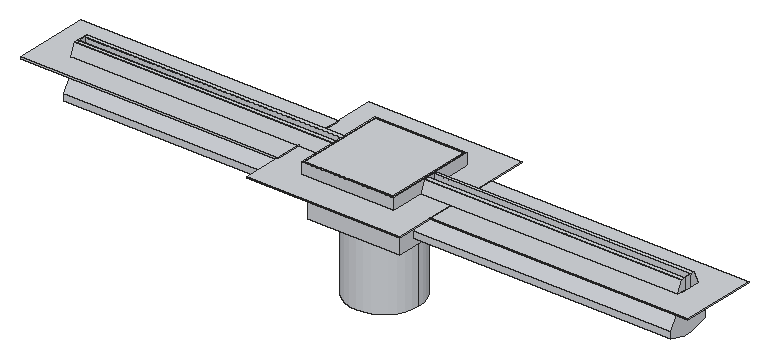
Revit family "Schlitzrinne mit Auslaufkasten", category Sanitärinstallationen, Revit 2020
Family settings
  Bemaßung runder Anschluss = Durchmesser verwenden
  Teiletyp = Normal
  Arbeitsebenenbasiert = Nein
  Immer vertikal = Ja
  Beim Laden mit Abzugskörper schneiden = Nein
  Gemeinsam genutzt = Nein
  Raumberechnungspunkt = Nein
Parameters (values of type "151mm Umlaufendem Kleberand 25mm")
  Übergangsbride [instance] = no
  mit Gefälle [instance] = yes
  exzentrisch [instance] = no
  Zarge rechts [instance] = no
  Zarge links [instance] = no
  Vorgabe-Ansicht = 0 mm
  Verbindungsbügel [instance] = L Links + L Rechts  # 1000 mm
  URL = "https://www.resitec.ch/"
  Tragstab 30mm [instance] = yes
  Tragstab 25mm [instance] = no
  Tragstab 20mm [instance] = no
  St. Moritz [instance] = yes
  Rost innen ref [instance] = Rinnen Breite innen - 2 mm  # 10 mm
  Rinnen Tiefe [instance] = 90 mm
  Rinnen Breite rechts [instance] = 500 mm
  Rinnen Breite links [instance] = 500 mm
  Rinnen Breite innen [instance] = 12 mm
  Rechts [instance] = yes
  RS_s002 = 1.8 mm  # constant formula
  RS_s001 = 3 mm  # constant formula
  RS_rechtsKR [instance] = if(RS_ZargRon, L Rechts, L Rechts + RS_KR)  # 550 mm
  RS_min80 [instance] = if(Rinnen Tiefe < 80 mm, 80 mm, Rinnen Tiefe)  # 90 mm
  RS_linksKR [instance] = if(RS_ZargLon, L Links, L Links + RS_KR)  # 550 mm
  RS_hts [instance] = if(Tragstab 20mm, 1 mm, if(Tragstab 25mm, 2 mm, if(Tragstab 30mm, 3 mm, 3 mm)))  # 3 mm
  RS_gefun [instance] = 60 mm
  RS_gefob [instance] = 40 mm
  RS_excenteron [instance] = exzentrisch  # no
  RS_excenteroff [instance] = not(RS_excenteron)  # yes
  RS_excenterabzbughinten [instance] = 32.5 mm
  RS_dpschon [instance] = yes
  RS_dimmin95 [instance] = 100 mm
  RS_dimk001 = 115 mm  # constant formula
  RS_dim001 = 20 mm  # constant formula
  RS_dim002 [instance] = if(RS_hts = 1 mm, 20 mm + 2 mm, if(RS_hts = 2 mm, 25 mm + 2 mm, if(RS_hts = 3 mm, 30 mm + 2 mm, 32 mm)))  # 32 mm
  RS_dim003 [instance] = if(Rinnen Tiefe < RS_dim002, RS_dim002 + RS_s002, Rinnen Tiefe)  # 90 mm
  RS_dia002 = 110 mm
  RS_dia001 = 151 mm
  RS_breite Rand [instance] = 6.5 mm  # constant formula
  RS_ZargRon [instance] = and(RS_KRon, Zarge rechts, Rechts)  # no
  RS_ZargLon [instance] = and(RS_KRon, Zarge links, Links)  # no
  RS_ZargH [instance] = Höhe Zarge  # 50 mm
  RS_StMRon [instance] = and(St. Moritz, Rechts)  # yes
  RS_StMLon [instance] = and(St. Moritz, Links)  # yes
  RS_RohrL [instance] = if(Länge Rohr < RS_gefun, ((RS_gefun + 10 mm) - RS_gefob), Länge Rohr)  # 200 mm
  RS_RinneRon [instance] = Rechts  # yes
  RS_RinneLon [instance] = Links  # yes
  RS_KRvorne [instance] = (Breite Aussen ref / 2) + RS_KR  # 62.5 mm
  RS_KRr [instance] = and(Rechts, Kleberand)  # yes
  RS_KRon [instance] = Kleberand  # yes
  RS_KRl [instance] = and(Links, Kleberand)  # yes
  RS_KRhinten [instance] = (Breite Aussen ref / 2) + RS_KR  # 62.5 mm
  RS_KR [instance] = 50 mm  # constant formula
  RS_DN2 = 0 mm
  RS_DN1d [instance] = D  # 114.7 mm
  RS_DN1 = 100 mm  # constant formula
  RS_URL = "https://resitec.ch/entwaesserungstechnik/entwaesserungsrinnen/rinnen/"
  RS_Rost_Typ [instance] = ""
  RS_Manufacture = "Resitec"  # constant formula
  RS_Description [instance] = if(mit Gefälle, "mit Gefälle", "ohne Gefälle")  # "mit Gefälle"
  RS_AusKRvorne [instance] = if(and(RS_excenteron, RS_245), 307 mm, 214 mm)  # 214 mm
  RS_AusKRhinten [instance] = 62.5 mm  # constant formula
  RS_AusKR_Ron [instance] = and(not(Rechts), Zarge rechts)  # no
  RS_AusKR_R [instance] = if(RS_AusKR_Ron, (RS_dia001 / 2), (RS_dia001 / 2) + RS_KR)  # 125.5 mm
  RS_AusKR_Lon [instance] = and(not(Links), Zarge links)  # no
  RS_AusKR_L [instance] = if(RS_AusKR_Lon, (RS_dia001 / 2), (RS_dia001 / 2) + RS_KR)  # 125.5 mm
  RS_Articelnumber [instance] = "Schlitzrinne"
  RS_245 [instance] = (RS_dia001 = 245 mm)  # no
  Länge Rohr [instance] = 200 mm
  Links [instance] = yes
  L Rechts Innen ref [instance] = L Rechts - RS_breite Rand  # 493.5 mm
  L Rechts [instance] = Rinnen Breite rechts  # 500 mm
  L Links innen ref [instance] = L Links - RS_breite Rand  # 493.5 mm
  L Links [instance] = Rinnen Breite links  # 500 mm
  Kleberand [instance] = yes
  Höhe Zarge [instance] = 50 mm
  Hersteller = RS_Manufacture  # "Resitec"
  D [instance] = 114.7 mm
  Breite Innen ref [instance] = 12 mm  # constant formula
  Breite Aussen ref [instance] = Rinnen Breite innen + (2 * RS_breite Rand)  # 25 mm
  Description = ""
  Baugruppenkennzeichen = "D2030300"
  Anschlusswert DU L/s = 0
Types (5, lengths in mm): name | RS_dia001 | RS_AusKR_R | RS_AusKR_L | RS_245
  (no name) | 151 | 125.5 | 125.5 | no
  245mm Umlaufendem Kleberand 25mm | 245 | 172.5 | 172.5 | yes
  151mm Umlaufendem Kleberand 25mm | 151 | 125.5 | 125.5 | no
  245mm Umlaufendem Kleberand 6.5mm | 245 | 172.5 | 172.5 | yes
  151mm Umlaufendem Kleberand 6.5mm | 151 | 125.5 | 125.5 | no
Reference planes
  plane 1 "Mitte (Vorne/hinten)": y = 0
  plane 2: z = 0
  plane 3 "Mitte (Links/rechts)": x = 0
  plane 4: x = -500
  plane 5: x = 500
  plane 6: y = 6
  plane 7: y = -6
  plane 8: y = 12.5
  plane 9: y = -12.5
  plane 10: x = -493.5
  plane 11: x = 493.5
  plane 12 "ebeneKBlech": z = -20
  plane 13 "lvdim002": z = -32
  plane 14: y = 57.5
  plane 15: y = -57.5
  plane 16: y = 62.5
  plane 17: x = 550
  plane 18: y = -62.5
  plane 19: x = -550
  plane 20: z = -200
  plane 21: x = -492.5
  plane 22: y = -5
  plane 23: x = 492.5
  plane 24: y = 5
  plane 25: z = -90
  plane 26 "0001": x = -75.5
  plane 27: y = -75.5
  plane 28: y = 75.5
  plane 29 "002": x = 75.5
  plane 30: x = -73.7
  plane 31: y = -73.7
  plane 32: y = 73.7
  plane 33: x = 73.7
  plane 34: y = 72.7
  plane 35: x = 72.7
  plane 36: y = -72.7
  plane 37: x = -72.7
  plane 38: y = 125.5
  plane 39: x = 125.5
  plane 40: y = -125.5
  plane 41: x = -125.5
  plane 42: y = 5
  plane 43: y = -5
  plane 44 "min80": z = -90
  plane 45: z = 30
  plane 46: y = -12.5
  plane 47: y = -163.5
  plane 48: y = -88
  plane 49: y = -14.3
  plane 50: y = -15.3
  plane 51: y = -161.7
  plane 52: y = -160.7
  plane 53: y = 37.5
  plane 54: y = -213.5
  plane 55: y = 62.5
  plane 56: y = -214
  plane 57: y = 20
  plane 58: y = -20
Forms (mm)
  Extrusion 1, solid, visible <- "RS_KRl"
    sketch origin (0, 0, -20) x (-1, 0, 0) y (0, -1, 0)
      loop
        line (550, -62.5) -> (550, 62.5) -> (125.5, 62.5) -> (125.5, -12.5) -> (125.5, -62.5) -> (550, -62.5)
    from 0 to 1.8 <- "RS_s002"
  Extrusion 2, solid, visible <- "RS_excenteroff"
    sketch origin (0, 0, -40) x (-1, 0, 0) y (0, -1, 0)
      loop
        circle (0, 0) r 57.35
    from 8 to -160
  Extrusion 3, solid, visible <- "RS_excenteroff"
    sketch origin (0, 0, 0) x (1, 0, 0) y (0, 1, 0)
      loop
        line (-75.5, 75.5) -> (-75.5, -75.5) -> (75.5, -75.5) -> (75.5, 75.5) -> (-75.5, 75.5)
      loop
        line (-73.7, 73.7) -> (-73.7, -73.7) -> (73.7, -73.7) -> (73.7, 73.7) -> (-73.7, 73.7)
    from 0 to -20
  Extrusion 4, solid, visible <- "RS_excenteroff"
    sketch origin (0, 0, 0) x (1, 0, 0) y (0, 1, 0)
      loop
        line (-72.7, 72.7) -> (-72.7, -72.7) -> (72.7, -72.7) -> (72.7, 72.7) -> (-72.7, 72.7)
    from 0 to -20
  Extrusion 5, solid, visible <- "RS_KRr"
    sketch origin (0, 0, -20) x (-1, 0, 0) y (0, -1, 0)
      loop
        line (-125.5, -62.5) -> (-125.5, 62.5) -> (-550, 62.5) -> (-550, -62.5) -> (-125.5, -62.5)
    from 0 to 1.8 <- "RS_s002"
  Extrusion 6, solid, visible <- "RS_excenteroff"
    sketch origin (-75.5, 270.325, 1200) x (0, 1, 0) y (0, 0, 1)
      loop
        line (-207.825, -1220) -> (-332.825, -1220) -> (-332.825, -1290) -> (-207.825, -1290) -> (-207.825, -1220)
    from 0 to 151
  Extrusion 7, solid, visible <- "RS_RinneRon"
    sketch origin (0, 0, -20) x (-1, 0, 0) y (0, -1, 0)
      loop
        line (-75.5, -12.5) -> (-75.5, -6) -> (-498.2, -6) -> (-498.2, 6) -> (-75.5, 6) -> (-75.5, 12.5) -> (-500, 12.5) -> (-500, -12.5) -> (-75.5, -12.5)
    from 0 to 20
  Extrusion 8, solid, visible <- "RS_RinneLon"
    sketch origin (0, 0, -20) x (1, 0, 0) y (0, 1, 0)
      loop
        line (-75.5, 12.5) -> (-500, 12.5) -> (-500, -12.5) -> (-75.5, -12.5) -> (-75.5, -6) -> (-498.2, -6) -> (-498.2, 6) -> (-75.5, 6) -> (-75.5, 12.5)
    from 0 to 20
  Extrusion 9, solid, visible <- "RS_RinneRon"
    sketch origin (75.5, 270.325, 1200) x (0, 1, 0) y (0, 0, -1)
      loop
        line (-264.325, 1220) -> (-235.325, 1267.053) -> (-235.325, 1277.053) -> (-264.325, 1285) -> (-276.325, 1285) -> (-305.325, 1277.053) -> (-305.325, 1267.053) -> (-276.325, 1220) -> (-264.325, 1220)
    from 0 to -424.5
  Extrusion 10, solid, visible <- "RS_RinneLon"
    sketch origin (-75.5, 270.325, 1200) x (0, 1, 0) y (0, 0, 1)
      loop
        line (-264.325, -1220) -> (-276.325, -1220) -> (-305.325, -1267.053) -> (-305.325, -1277.053) -> (-276.325, -1285) -> (-264.325, -1285) -> (-235.325, -1277.053) -> (-235.325, -1267.053) -> (-264.325, -1220)
    from 0 to -424.5
  Extrusion 11, solid, visible <- "RS_ZargLon"
    sketch origin (0, 0, -20) x (-1, 0, 0) y (0, -1, 0)
      loop
        line (550, -62.5) -> (550, 62.5) -> (548.2, 62.5) -> (548.2, -62.5) -> (550, -62.5)
    from 0 to 50
  Extrusion 12, solid, visible <- "RS_ZargRon"
    sketch origin (0, 0, -20) x (-1, 0, 0) y (0, -1, 0)
      loop
        line (-550, -62.5) -> (-548.2, -62.5) -> (-548.2, 62.5) -> (-550, 62.5) -> (-550, -62.5)
    from 0 to 50
  Extrusion 13, solid, visible <- "RS_excenteroff"
    sketch origin (0, 0, -20) x (-1, 0, 0) y (0, -1, 0)
      loop
        line (125.5, -125.5) -> (125.5, 125.5) -> (-125.5, 125.5) -> (-125.5, -125.5) -> (125.5, -125.5)
    from 0 to 1.8 <- "RS_s002"
  Extrusion 14, solid, visible <- "RS_AusKR_Lon"
    sketch origin (0, 0, -20) x (-1, 0, 0) y (0, -1, 0)
      loop
        line (125.5, -62.5) -> (125.5, 214) -> (123.7, 214) -> (123.7, -62.5) -> (125.5, -62.5)
    from 0 to 50
  Extrusion 15, solid, visible <- "RS_excenteron"
    sketch origin (0, -88, -40) x (-1, 0, 0) y (0, -1, 0)
      loop
        circle (0, 0) r 57.35
    from 8 to -160
  Extrusion 16, solid, visible <- "RS_excenteron"
    sketch origin (0, -88, 0) x (1, 0, 0) y (0, 1, 0)
      loop
        line (-75.5, 100.5) -> (-75.5, 94) -> (75.5, 94) -> (75.5, 100.5) -> (-75.5, 100.5)
      loop
        line (-75.5, -75.5) -> (75.5, -75.5) -> (75.5, 82) -> (-75.5, 82) -> (-75.5, -75.5)
      loop
        line (-73.7, 73.7) -> (-73.7, -73.7) -> (73.7, -73.7) -> (73.7, 73.7) -> (-73.7, 73.7)
    from 0 to -20
  Extrusion 17, solid, visible <- "RS_excenteron"
    sketch origin (0, -88, 0) x (1, 0, 0) y (0, 1, 0)
      loop
        line (-72.7, 72.7) -> (-72.7, -72.7) -> (72.7, -72.7) -> (72.7, 72.7) -> (-72.7, 72.7)
    from 0 to -20
  Extrusion 18, solid, visible <- "RS_excenteron"
    sketch origin (-75.5, 182.325, 1200) x (0, 1, 0) y (0, 0, 1)
      loop
        line (-345.825, -1220) -> (-345.825, -1290) -> (-182.325, -1290) -> (-182.325, -1220) -> (-345.825, -1220)
    from 0 to 151
  Extrusion 19, solid, visible <- "RS_excenteron"
    sketch origin (0, -88, -20) x (-1, 0, 0) y (0, -1, 0)
      loop
        line (125.5, -150.5) -> (125.5, 125.5) -> (-125.5, 125.5) -> (-125.5, -150.5) -> (125.5, -150.5)
    from 0 to 1.8 <- "RS_s002"
  Extrusion 20, solid, visible <- "RS_AusKR_Ron"
    sketch origin (0, 0, -20) x (-1, 0, 0) y (0, -1, 0)
      loop
        line (-75.5, -62.5) -> (-73.7, -62.5) -> (-73.7, 214) -> (-75.5, 214) -> (-75.5, -62.5)
    from 0 to 50
  Extrusion 21, solid, visible <- "RS_StMLon"
    sketch origin (-75.5, 270.325, 1200) x (0, 1, 0) y (0, 0, 1)
      loop
        line (-250.325, -1218.2) -> (-257.825, -1200) -> (-264.325, -1200) -> (-264.325, -1218.2) -> (-250.325, -1218.2)
      loop
        line (-276.325, -1218.2) -> (-276.325, -1200) -> (-282.825, -1200) -> (-290.325, -1218.2) -> (-276.325, -1218.2)
    from -424.5 to 0
  Extrusion 22, solid, visible <- "RS_RinneRon"
    sketch origin (1075.5, 0, -20) x (1, 0, 0) y (0, 1, 0)
      loop
        line (-575.5, 12.5) -> (-1000, 12.5) -> (-1000, -12.5) -> (-575.5, -12.5) -> (-575.5, -6) -> (-998.2, -6) -> (-998.2, 6) -> (-575.5, 6) -> (-575.5, 12.5)
    from 0 to 20
  Extrusion 23, solid, visible <- "RS_StMRon"
    sketch origin (1050, 270.325, 1200) x (0, 1, 0) y (0, 0, 1)
      loop
        line (-250.325, -1218.2) -> (-257.825, -1200) -> (-264.325, -1200) -> (-264.325, -1218.2) -> (-250.325, -1218.2)
      loop
        line (-276.325, -1218.2) -> (-276.325, -1200) -> (-282.825, -1200) -> (-290.325, -1218.2) -> (-276.325, -1218.2)
    from -974.5 to -550
Dimensions and locks
  equal spacing: plane 7, plane 1 "Mitte (Vorne/hinten)", plane 6
  "L Links": plane 4 to plane 3 "Mitte (Links/rechts)"
  "L Rechts": plane 3 "Mitte (Links/rechts)" to plane 5
  "Breite Innen ref": plane 6 to plane 7
  equal spacing: plane 9, plane 1 "Mitte (Vorne/hinten)", plane 8
  "Breite Aussen ref": plane 8 to plane 9
  "L Links innen ref": plane 10 to plane 3 "Mitte (Links/rechts)"
  "L Rechts Innen ref": plane 3 "Mitte (Links/rechts)" to plane 11
  "RS_dim001": level to plane 12 "ebeneKBlech"
  "RS_dim002": level to plane 13 "lvdim002"
  equal spacing: plane 15, plane 1 "Mitte (Vorne/hinten)", plane 14
  "RS_dimk001": plane 14 to plane 15
  "RS_linksKR": plane 19 to plane 3 "Mitte (Links/rechts)"
  "RS_rechtsKR": plane 3 "Mitte (Links/rechts)" to plane 17
  "RS_KRhinten": plane 1 "Mitte (Vorne/hinten)" to plane 16
  "RS_KRvorne": plane 18 to plane 1 "Mitte (Vorne/hinten)"
  locked: plane 24 to plane 6 at 1
  locked: plane 10 to plane 21 at 1
  locked: plane 23 to plane 11 at 1
  locked: plane 22 to plane 7 at 1
  Extrusion 1 to plane 12 "ebeneKBlech" = 1.8 mm
  "RS_dim003": level to plane 25
  "Länge Rohr": level to plane 20
  equal spacing: plane 27, plane 1 "Mitte (Vorne/hinten)", plane 28
  equal spacing: plane 26 "0001", plane 3 "Mitte (Links/rechts)", plane 29 "002"
  "RS_dia001": plane 26 "0001" to plane 29 "002"
  "RS_dia001": plane 28 to plane 27
  "RS_s002": plane 28 to plane 32
  "RS_s002": plane 33 to plane 29 "002"
  "RS_s002": plane 31 to plane 27
  "RS_s002": plane 26 "0001" to plane 30
  locked: plane 30 to plane 37 at 1
  locked: plane 35 to plane 33 at 1
  locked: plane 32 to plane 34 at 1
  locked: plane 36 to plane 31 at 1
  "RS_KR": plane 38 to plane 28
  "RS_KR": plane 27 to plane 40
  locked: Extrusion 1 to plane 12 "ebeneKBlech" at 1.8
  equal spacing: plane 42, plane 1 "Mitte (Vorne/hinten)", plane 43
  "Rost innen ref": plane 42 to plane 43
  "RS_min80": level to plane 44 "min80"
  Extrusion 6 sketch curve to Extrusion 6 sketch curve = 125 mm
  equal spacing: Extrusion 6 sketch curve, plane 1 "Mitte (Vorne/hinten)", Extrusion 6 sketch curve
  "RS_s002": Extrusion 7 sketch curve to plane 5
  plane 12 "ebeneKBlech" to Extrusion 9 sketch curve = 47.053 mm  (x2)
  plane 12 "ebeneKBlech" to Extrusion 9 sketch curve = 57.053 mm  (x2)
  equal spacing: Extrusion 9 sketch curve, plane 1 "Mitte (Vorne/hinten)", Extrusion 9 sketch curve
  Extrusion 9 sketch curve to Extrusion 9 sketch curve = 70 mm
  plane 12 "ebeneKBlech" to Extrusion 9 sketch curve = 65 mm
  plane 12 "ebeneKBlech" to Extrusion 9 = 65 mm
  plane 12 "ebeneKBlech" to Extrusion 10 sketch curve = 57.053 mm  (x2)
  plane 12 "ebeneKBlech" to Extrusion 10 sketch curve = 47.053 mm  (x2)
  equal spacing: Extrusion 9, plane 1 "Mitte (Vorne/hinten)", Extrusion 9
  Extrusion 9 to Extrusion 9 = 70 mm
  locked: plane 12 "ebeneKBlech" to Extrusion 9 at 65
  Extrusion 9 to plane 12 "ebeneKBlech" = 65 mm
  plane 12 "ebeneKBlech" to Extrusion 10 sketch curve = 65 mm
  equal spacing: Extrusion 10 sketch curve, plane 1 "Mitte (Vorne/hinten)", Extrusion 10 sketch curve
  Extrusion 10 sketch curve to Extrusion 10 sketch curve = 70 mm
  "RS_s002": plane 19 to Extrusion 11 sketch curve
  "RS_s002": plane 19 to Extrusion 11
  "RS_s002": Extrusion 12 sketch curve to plane 17
  "RS_s002": Extrusion 12 to plane 17
  "RS_AusKR_R": plane 3 "Mitte (Links/rechts)" to plane 39
  "RS_AusKR_L": plane 41 to plane 3 "Mitte (Links/rechts)"
  "RS_ZargH": plane 45 to plane 12 "ebeneKBlech"
  "RS_s002": plane 41 to Extrusion 14 sketch curve
  "RS_s002": plane 41 to Extrusion 14
  Extrusion 18 sketch curve to Extrusion 18 sketch curve = 163.5 mm  (x2)
  equal spacing: plane 46, plane 48, plane 47
  "RS_dia001": plane 46 to plane 47
  "RS_s002": plane 51 to plane 47
  "RS_s002": plane 46 to plane 49
  plane 49 to plane 50 = 1 mm
  plane 52 to plane 51 = 1 mm
  "RS_KR": plane 53 to plane 46
  "RS_KR": plane 47 to plane 54
  "RS_AusKRhinten": plane 1 "Mitte (Vorne/hinten)" to plane 55
  "RS_AusKRvorne": plane 56 to plane 1 "Mitte (Vorne/hinten)"
  equal spacing: plane 58, plane 1 "Mitte (Vorne/hinten)", plane 57
  plane 58 to plane 1 "Mitte (Vorne/hinten)" = 20 mm
  "RS_DN1d": diameter of Extrusion 2 sketch curve
  "RS_DN1d": diameter of Extrusion 15 sketch curve
  angle Extrusion 9 sketch curve to Extrusion 9 sketch curve = 63.2927°
  angle Extrusion 9 sketch curve to Extrusion 9 sketch curve = 149.352°
  angle Extrusion 9 to Extrusion 9 = 149.352°
  angle Extrusion 9 to Extrusion 9 = 63.2927°
  locked: Extrusion 9 to Extrusion 9 (angle 63.2927°)
  locked: Extrusion 9 to Extrusion 9 (angle 149.352°)
  angle Extrusion 10 sketch curve to Extrusion 10 sketch curve = 63.2927°
  angle Extrusion 10 sketch curve to Extrusion 10 sketch curve = 149.352°
  aligned and locked: level to plane 2
  aligned and locked: Extrusion 2 to plane 20
  aligned and locked: plane 12 "ebeneKBlech" to Extrusion 1
  aligned and locked: plane 13 "lvdim002" to Extrusion 2
  aligned and locked: Extrusion 3 sketch curve to plane 28
  aligned and locked: plane 26 "0001" to Extrusion 3 sketch curve
  aligned and locked: plane 27 to Extrusion 3 sketch curve
  aligned and locked: Extrusion 3 sketch curve to plane 29 "002"
  aligned and locked: plane 32 to Extrusion 3 sketch curve
  aligned and locked: plane 30 to Extrusion 3 sketch curve
  aligned and locked: plane 31 to Extrusion 3 sketch curve
  aligned and locked: Extrusion 3 sketch curve to plane 33
  aligned and locked: Extrusion 3 to plane 12 "ebeneKBlech"
  aligned and locked: Extrusion 4 sketch curve to plane 34
  aligned and locked: Extrusion 4 sketch curve to plane 37
  aligned and locked: Extrusion 4 sketch curve to plane 36
  aligned and locked: Extrusion 4 sketch curve to plane 35
  aligned and locked: Extrusion 4 to plane 12 "ebeneKBlech"
  aligned and locked: level to Extrusion 4
  aligned and locked: Extrusion 1 to plane 41
  aligned and locked: plane 44 "min80" to Extrusion 6 sketch curve
  aligned and locked: plane 29 "002" to Extrusion 6
  aligned and locked: Extrusion 7 sketch curve to plane 8
  aligned and locked: plane 29 "002" to Extrusion 7 sketch curve  (x2)
  aligned and locked: plane 9 to Extrusion 7 sketch curve
  aligned and locked: plane 6 to Extrusion 7 sketch curve
  aligned and locked: Extrusion 7 sketch curve to plane 7
  aligned and locked: Extrusion 7 sketch curve to plane 5
  aligned and locked: level to Extrusion 7
  aligned and locked: Extrusion 7 to plane 12 "ebeneKBlech"
  aligned and locked: level to Extrusion 8
  aligned and locked: Extrusion 8 to plane 12 "ebeneKBlech"
  aligned and locked: plane 26 "0001" to Extrusion 8
  aligned and locked: Extrusion 8 to plane 4
  aligned and locked: Extrusion 9 to plane 29 "002"
  aligned and locked: plane 5 to Extrusion 9
  aligned and locked: plane 26 "0001" to Extrusion 10
  aligned and locked: Extrusion 10 to plane 4
  aligned and locked: plane 18 to Extrusion 11
  aligned and locked: plane 16 to Extrusion 11
  aligned and locked: Extrusion 11 to plane 19
  aligned and locked: plane 17 to Extrusion 12
  aligned and locked: plane 18 to Extrusion 12
  aligned and locked: plane 16 to Extrusion 12
  aligned and locked: plane 38 to Extrusion 13
  aligned and locked: plane 39 to Extrusion 13
  aligned and locked: Extrusion 13 to Extrusion 1
  aligned and locked: plane 40 to Extrusion 13
  aligned and locked: Extrusion 14 to plane 12 "ebeneKBlech"
  aligned and locked: plane 45 to Extrusion 12
  aligned and locked: plane 45 to Extrusion 14
  aligned and locked: plane 45 to Extrusion 11
  aligned and locked: Extrusion 14 to Extrusion 1
  aligned and locked: Extrusion 18 to Extrusion 16
  aligned and locked: plane 47 to Extrusion 16
  aligned and locked: plane 29 "002" to Extrusion 16  (x2)
  aligned and locked: Extrusion 16 to plane 33
  aligned and locked: Extrusion 16 to plane 26 "0001"
  aligned and locked: plane 30 to Extrusion 16
  aligned and locked: plane 37 to Extrusion 17
  aligned and locked: Extrusion 17 to plane 35
  aligned and locked: Extrusion 16 to plane 49
  aligned and locked: plane 51 to Extrusion 16
  aligned and locked: Extrusion 17 to plane 52
  aligned and locked: plane 50 to Extrusion 17
  aligned and locked: Extrusion 19 to plane 39
  aligned and locked: plane 41 to Extrusion 19
  aligned and locked: plane 16 to Extrusion 19
  aligned and locked: plane 8 to Extrusion 16
  aligned and locked: Extrusion 7 to Extrusion 16
  aligned and locked: Extrusion 16 to plane 6
  aligned and locked: plane 7 to Extrusion 16
  aligned and locked: Extrusion 14 to plane 56
  aligned and locked: plane 55 to Extrusion 14
  aligned and locked: Extrusion 19 to plane 54
  aligned and locked: plane 7 to Extrusion 21
  aligned and locked: Extrusion 21 to plane 6
  aligned and locked: Extrusion 21 to Extrusion 1  (x2)
  aligned and locked: level to Extrusion 21  (x2)
  aligned and locked: Extrusion 21 to plane 4
  aligned and locked: plane 26 "0001" to Extrusion 21
  aligned and locked: plane 5 to Extrusion 22  (x2)
  aligned and locked: plane 7 to Extrusion 22
  aligned and locked: Extrusion 22 to plane 6
  aligned and locked: plane 5 to Extrusion 23
  aligned and locked: Extrusion 23 to plane 29 "002"
  aligned and locked: plane 29 "002" to Extrusion 18
  aligned and locked: Extrusion 18 to plane 1 "Mitte (Vorne/hinten)"
Automatic sketch dimensions
  Extrusion 1 sketch curve to plane 8 = 0 mm
  Extrusion 1 sketch curve to plane 41 = 0 mm
  plane 18 to Extrusion 1 sketch curve = 0 mm
  Extrusion 1 sketch curve to plane 19 = 0 mm
  Extrusion 1 sketch curve to plane 16 = 0 mm
  Extrusion 5 sketch curve to plane 16 = 0 mm
  Extrusion 5 sketch curve to plane 17 = 0 mm
  plane 18 to Extrusion 5 sketch curve = 0 mm
  Extrusion 5 sketch curve to plane 39 = 0 mm
  Extrusion 6 sketch curve to plane 12 "ebeneKBlech" = 0 mm
  Extrusion 8 sketch curve to plane 4 = 0 mm
  Extrusion 8 sketch curve to plane 6 = 0 mm
  Extrusion 8 sketch curve to plane 7 = 0 mm
  Extrusion 8 sketch curve to plane 26 "0001" = 0 mm  (x2)
  Extrusion 8 sketch curve to plane 8 = 0 mm
  Extrusion 8 sketch curve to plane 9 = 0 mm
  Extrusion 8 sketch curve to plane 4 = 1.8 mm
  Extrusion 9 sketch curve to plane 7 = 0 mm  (x2)
  Extrusion 9 sketch curve to plane 6 = 0 mm
  Extrusion 10 sketch curve to plane 7 = 0 mm  (x2)
  Extrusion 10 sketch curve to plane 6 = 0 mm
  Extrusion 13 sketch curve to plane 38 = 0 mm
  Extrusion 13 sketch curve to plane 39 = 0 mm
  plane 40 to Extrusion 13 sketch curve = 0 mm
  Extrusion 13 sketch curve to plane 41 = 0 mm
  Extrusion 16 sketch curve to plane 8 = 0 mm
  Extrusion 16 sketch curve to plane 26 "0001" = 0 mm  (x2)
  Extrusion 16 sketch curve to plane 30 = 0 mm
  Extrusion 16 sketch curve to plane 33 = 0 mm
  Extrusion 16 sketch curve to plane 6 = 0 mm
  Extrusion 16 sketch curve to plane 29 "002" = 0 mm  (x2)
  Extrusion 16 sketch curve to plane 7 = 0 mm
  Extrusion 16 sketch curve to plane 47 = 0 mm
  Extrusion 16 sketch curve to plane 51 = 0 mm
  Extrusion 16 sketch curve to plane 49 = 0 mm
  Extrusion 17 sketch curve to plane 37 = 0 mm
  Extrusion 17 sketch curve to plane 35 = 0 mm
  Extrusion 17 sketch curve to plane 52 = 0 mm
  Extrusion 17 sketch curve to plane 50 = 0 mm
  Extrusion 18 sketch curve to plane 25 = 0 mm
  Extrusion 18 sketch curve to plane 47 = 0 mm
  Extrusion 18 sketch curve to plane 12 "ebeneKBlech" = 0 mm
  Extrusion 19 sketch curve to plane 16 = 0 mm
  Extrusion 19 sketch curve to plane 39 = 0 mm
  Extrusion 19 sketch curve to plane 41 = 0 mm
  Extrusion 19 sketch curve to plane 54 = 0 mm
  Extrusion 20 sketch curve to plane 29 "002" = 0 mm
  Extrusion 20 sketch curve to plane 33 = 0 mm
  Extrusion 20 sketch curve to plane 16 = 0 mm
  Extrusion 20 sketch curve to plane 56 = 0 mm
  Extrusion 21 sketch curve to plane 58 = 0 mm
  Extrusion 21 sketch curve to level = 0 mm  (x2)
  Extrusion 21 sketch curve to plane 9 = 0 mm
  Extrusion 21 sketch curve to plane 7 = 0 mm
  Extrusion 21 sketch curve to plane 6 = 0 mm
  Extrusion 21 sketch curve to plane 8 = 0 mm
  Extrusion 21 sketch curve to plane 57 = 0 mm
  plane 12 "ebeneKBlech" to Extrusion 21 sketch curve = 1.8 mm  (x2)
  Extrusion 22 sketch curve to plane 8 = 0 mm
  Extrusion 22 sketch curve to plane 29 "002" = 0 mm
  Extrusion 22 sketch curve to plane 6 = 0 mm
  Extrusion 22 sketch curve to plane 7 = 0 mm
  Extrusion 22 sketch curve to plane 5 = 0 mm  (x2)
  Extrusion 22 sketch curve to plane 9 = 0 mm
  Extrusion 22 sketch curve to plane 29 "002" = 1.8 mm
  Extrusion 23 sketch curve to plane 58 = 0 mm
  Extrusion 23 sketch curve to level = 0 mm  (x2)
  Extrusion 23 sketch curve to plane 9 = 0 mm
  Extrusion 23 sketch curve to plane 7 = 0 mm
  Extrusion 23 sketch curve to plane 6 = 0 mm
  Extrusion 23 sketch curve to plane 8 = 0 mm
  Extrusion 23 sketch curve to plane 57 = 0 mm
  plane 12 "ebeneKBlech" to Extrusion 23 sketch curve = 1.8 mm  (x2)
  plane 1 "Mitte (Vorne/hinten)" to Extrusion 2 sketch curve = 0 mm
  Extrusion 2 sketch curve to plane 3 "Mitte (Links/rechts)" = 0 mm
  plane 18 to Extrusion 11 sketch curve = 0 mm
  Extrusion 11 sketch curve to plane 19 = 0 mm
  Extrusion 11 sketch curve to plane 16 = 0 mm
  Extrusion 12 sketch curve to plane 17 = 0 mm
  Extrusion 12 sketch curve to plane 16 = 0 mm
  plane 18 to Extrusion 12 sketch curve = 0 mm
  Extrusion 14 sketch curve to plane 41 = 0 mm
  Extrusion 14 sketch curve to plane 16 = 0 mm
  Extrusion 14 sketch curve to plane 56 = 0 mm
  Extrusion 15 sketch curve to plane 3 "Mitte (Links/rechts)" = 0 mm
  Extrusion 15 sketch curve to plane 48 = 0 mm
